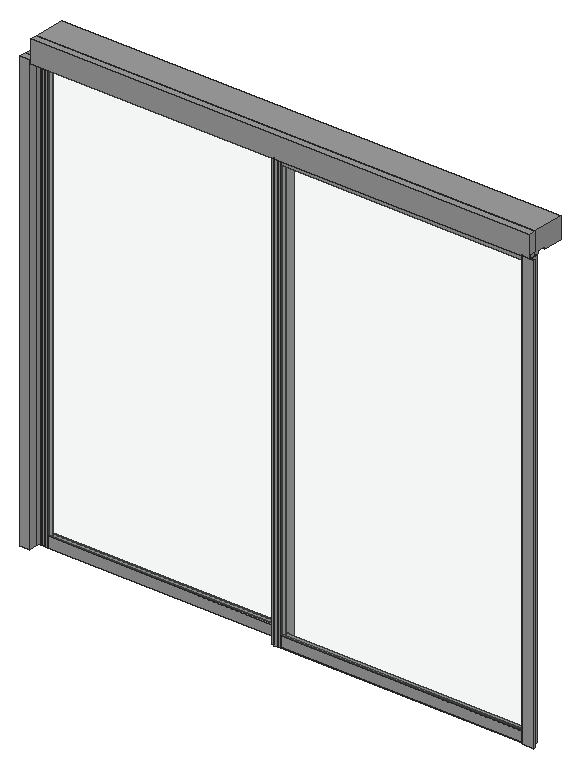
Revit family "agtatec_Record_SldngDrset_E-STA_WallBased", category Doors, host Wall, Revit 2015 (continued)
Definition of nested family "E-STA"
  Definition of nested family "Inner Panel"
    Forms (mm)
      Extrusion 4, solid, material <- "Panel Frames"
        sketch origin (75, 0, 0) x (0, 1, 0) y (0, 0, 1)
          loop
            line (0, 2200) -> (0, 2168) -> (2.5, 2168) -> (2.5, 2184) -> (29.5, 2184) -> (29.5, 2168) -> (32, 2168) -> (32, 2200) -> (0, 2200)
        from -38 to 1125
      Extrusion 5, solid, material <- "Panel Glass"
        sketch origin (0, 0, 0) x (1, 0, 0) y (0, 1, 0)
          loop
            line (23.5, 28) -> (23.5, 4) -> (1213.5, 4) -> (1213.5, 28) -> (23.5, 28)
        from 42 to 2181
      Extrusion 6, solid, material <- "Panel Frames"
        sketch origin (0, 0, 0) x (1, 0, 0) y (0, 1, 0)
          loop
            line (0, 32) -> (0, 0) -> (5, 0) -> (5, 32) -> (0, 32)
        from 5 to 2200
    Lines and regions (mm)
      Masking region 1
        outline origin (0, 0, 0) x (1, 0, 0) y (0, 1, 0)
          loop
            line (1232, 32) -> (0, 32) -> (0, 0) -> (1222, 0) -> (1232, 0) -> (1232, 32)
      symbolic lines, detail levels fine
        curve 1: line (37, 28, 42) -> (1200, 28, 42)
        curve 2: line (37, 4, 42) -> (1200, 4, 42)
        curve 6: line (1200, 29.5, 42) -> (1216, 29.5, 42)
        curve 7: line (1216, 29.5, 42) -> (1216, 2.5, 42)
        curve 8: line (1216, 2.5, 42) -> (1200, 2.5, 42)
        curve 9: line (1200, 4, 42) -> (1213.5, 4, 42)
        curve 10: line (1213.5, 4, 42) -> (1213.5, 28, 42)
        curve 11: line (1213.5, 28, 42) -> (1200, 28, 42)
        curve 12: line (37, 29.5, 42) -> (21, 29.5, 42)
        curve 13: line (21, 29.5, 42) -> (21, 2.5, 42)
        curve 14: line (21, 2.5, 42) -> (37, 2.5, 42)
        curve 15: line (37, 4, 42) -> (23.5, 4, 42)
        curve 16: line (23.5, 4, 42) -> (23.5, 28, 42)
        curve 17: line (23.5, 28, 42) -> (37, 28, 42)
      symbolic lines, detail levels medium+fine
        curve 3: line (37, 32, 42) -> (37, 29.5, 42)
        curve 4: line (1200, 0, 42) -> (1200, 2.5, 42)
        curve 18: line (1200, 29.5, 42) -> (1200, 32, 42)
        curve 21: line (37, 2.5, 42) -> (37, 0, 42)
        curve 27: line (1232, 32, 42) -> (1232, 0, 42)
        curve 28: line (1232, 0, 42) -> (1222, 0, 42)
      symbolic lines
        curve 5: line (5, 32, 42) -> (5, 0, 42)
        curve 24: line (237, 0, 1084) -> (1000, 0, 1084)
      symbolic lines, detail levels medium
        curve 19: line (1200, 2.5, 42) -> (1200, 29.5, 42)
        curve 20: line (37, 29.5, 42) -> (37, 2.5, 42)
      symbolic lines, visible <- "Interlacing profile left"
        curve 22: line (1000, 0, 1084) -> (964.645, 0, 1119.355)
        curve 23: line (1000, 0, 1084) -> (964.645, 0, 1048.645)
      symbolic lines, visible <- "Interlacing profile right"
        curve 25: line (237, 0, 1084) -> (272.355, 0, 1119.355)
        curve 26: line (237, 0, 1084) -> (272.355, 0, 1048.645)
    Dimensions and locks
      "Panel Height": plane 5 to plane 2
      "Inner Panel Width": plane 4 to plane 3 "Center (Left/Right)"
      locked: plane 7 to plane 3 "Center (Left/Right)" at 37
      locked: plane 6 to plane 4 at 32
      locked: plane 5 to plane 8 at 19
      locked: plane 9 "Above" to level at 42
      locked: plane 4 to plane 10 at 18.5
      locked: plane 11 to plane 3 "Center (Left/Right)" at 23.5
      locked: plane 13 to plane 4 at 10
      locked: plane 14 to plane 3 "Center (Left/Right)" at 5
      equal spacing: Extrusion 4, curve 24, level
      curve 24 to plane 6 = 200.00 mm
      curve 26 to plane 7 = 200.00 mm
      aligned and locked: plane 2 to level
      aligned and locked: plane 5 to Extrusion 2
      aligned and locked: plane 5 to Extrusion 1
      aligned and locked: Extrusion 1 to Extrusion 2
      aligned and locked: Extrusion 4 to plane 7
      aligned and locked: Extrusion 4 to plane 6
      aligned and locked: Extrusion 3 to plane 7
      aligned and locked: Extrusion 3 to plane 6
      aligned and locked: plane 8 to Extrusion 5
      aligned and locked: Extrusion 5 to plane 9 "Above"
      aligned and locked: Extrusion 5 to plane 10
      aligned and locked: Extrusion 5 to plane 11
      aligned and locked: Extrusion 1 to Extrusion 3
      aligned and locked: Extrusion 3 to Extrusion 2
      aligned and locked: Masking region 1 sketch curve to plane 4
      aligned and locked: Masking region 1 sketch curve to plane 3 "Center (Left/Right)"
      aligned and locked: curve 4 to plane 6
      aligned and locked: curve 3 to plane 7
      aligned and locked: Masking region 1 to Extrusion 1
      aligned and locked: plane 7 to Extrusion 1  (x2)
      aligned and locked: plane 6 to Extrusion 2  (x2)
      aligned and locked: curve 1 to Extrusion 5
      aligned and locked: Extrusion 5 to curve 2
      aligned and locked: Extrusion 1 sketch curve to plane 14
      aligned and locked: Extrusion 1 to plane 14
      aligned and locked: Extrusion 6 sketch curve to plane 14
      aligned and locked: plane 3 "Center (Left/Right)" to Extrusion 6 sketch curve
      aligned and locked: plane 5 to Extrusion 6
    Automatic sketch dimensions
      curve 24 to curve 26 = 35.355 mm
      curve 25 to curve 25 = 35.355 mm
      curve 22 to curve 23 = 0.00 mm
      curve 22 to curve 24 = 35.355 mm
      curve 26 to curve 24 = 35.355 mm
      curve 23 to curve 22 = 35.355 mm
      Extrusion 1 sketch curve to plane 7 = 0.00 mm  (x2)
      plane 1 "Center (Front/Back)" to Extrusion 1 sketch curve = 0.00 mm
      Extrusion 1 sketch curve to plane 11 = 2.50 mm
      Extrusion 1 sketch curve to plane 1 "Center (Front/Back)" = 2.50 mm
      Extrusion 1 sketch curve to Extrusion 1 sketch curve = 27.00 mm
      Extrusion 1 sketch curve to Extrusion 1 sketch curve = 2.50 mm
      Extrusion 2 sketch curve to plane 4 = 0.00 mm
      Extrusion 2 sketch curve to plane 6 = 0.00 mm  (x2)
      plane 1 "Center (Front/Back)" to Extrusion 2 sketch curve = 0.00 mm
      plane 10 to Extrusion 2 sketch curve = 2.50 mm
      Extrusion 2 sketch curve to Extrusion 2 sketch curve = 2.50 mm  (x2)
      Extrusion 2 sketch curve to Extrusion 2 sketch curve = 27.00 mm
      Extrusion 3 sketch curve to plane 1 "Center (Front/Back)" = 0.00 mm
      Extrusion 3 sketch curve to plane 12 = 0.00 mm  (x2)
      Extrusion 3 sketch curve to plane 1 "Center (Front/Back)" = 2.50 mm
      Extrusion 3 sketch curve to Extrusion 3 sketch curve = 14.65 mm
      Extrusion 3 sketch curve to Extrusion 3 sketch curve = 2.70 mm
      plane 9 "Above" to Extrusion 3 sketch curve = 13.00 mm  (x2)
      Extrusion 3 sketch curve to Extrusion 3 sketch curve = 27.00 mm
      Extrusion 3 sketch curve to Extrusion 3 sketch curve = 2.50 mm
      Extrusion 3 sketch curve to plane 9 "Above" = 16.00 mm
      Extrusion 3 sketch curve to plane 9 "Above" = 3.00 mm
      Extrusion 4 sketch curve to plane 1 "Center (Front/Back)" = 0.00 mm
      Extrusion 4 sketch curve to plane 5 = 0.00 mm
      Extrusion 4 sketch curve to plane 1 "Center (Front/Back)" = 2.50 mm
      plane 8 to Extrusion 4 sketch curve = 3.00 mm
      Extrusion 4 sketch curve to Extrusion 4 sketch curve = 27.00 mm
      Extrusion 4 sketch curve to Extrusion 4 sketch curve = 2.50 mm
      Extrusion 4 sketch curve to plane 8 = 13.00 mm  (x2)
      Extrusion 5 sketch curve to plane 11 = 0.00 mm
      Extrusion 5 sketch curve to plane 10 = 0.00 mm
      Extrusion 5 sketch curve to plane 1 "Center (Front/Back)" = 4.00 mm
      Extrusion 5 sketch curve to Extrusion 5 sketch curve = 24.00 mm
      plane 1 "Center (Front/Back)" to Masking region 1 sketch curve = 0.00 mm
      Masking region 1 sketch curve to plane 13 = 0.00 mm
      Masking region 1 sketch curve to plane 1 "Center (Front/Back)" = 32.00 mm
      plane 1 "Center (Front/Back)" to Extrusion 6 sketch curve = 0.00 mm
      Extrusion 6 sketch curve to plane 1 "Center (Front/Back)" = 32.00 mm
      curve 27 to plane 4 = 0.00 mm
      plane 1 "Center (Front/Back)" to curve 28 = 0.00 mm
      curve 10 to plane 10 = 0.00 mm
      curve 16 to plane 11 = 0.00 mm
      curve 5 to plane 14 = 0.00 mm
      plane 1 "Center (Front/Back)" to curve 21 = 0.00 mm
      plane 1 "Center (Front/Back)" to curve 5 = 0.00 mm
      plane 1 "Center (Front/Back)" to curve 4 = 0.00 mm
      curve 28 to plane 10 = 8.50 mm
      curve 7 to plane 10 = 2.50 mm
      curve 14 to plane 11 = 2.50 mm
      curve 16 to curve 1 = 0.00 mm
      curve 12 to curve 1 = 1.50 mm
      curve 7 to curve 1 = 1.50 mm
      curve 5 to curve 12 = 2.50 mm
      curve 27 to curve 6 = 2.50 mm
      curve 18 to curve 6 = 2.50 mm
      curve 3 to curve 3 = 2.50 mm
      curve 6 to curve 10 = 1.50 mm
      curve 10 to plane 1 "Center (Front/Back)" = 4.00 mm
      curve 16 to plane 1 "Center (Front/Back)" = 4.00 mm
      curve 2 to curve 14 = 1.50 mm
      curve 2 to curve 8 = 1.50 mm
Types (13, lengths in mm): name | Without side panels | TotalWidth | TotalHeight | SupportLengthRight | SupportLengthLeft | SideVoidRight | SideVoidLeft | RightPanel | LeftPanel | InterlancingProfileRight | InterlancingProfileLeft | Width | Rough Width | Rough Height | NominalWidth | NominalHeight | Height | DriveUnitHeight | CenterOfDoor
  (no name) | no | 2555.00 | 2295.00 | 616.00 | 1877.00 | 616.00 | 1837.00 | no | yes | no | yes | 2555.00 | 2561.00 | 2301.00 | 2555.00 | 2295.00 | 2295.00 | 108.00 | 2514.50
  E-STA-L 150 mm drive unit height - left - with side panel | no | 2555.00 | 2337.00 | 616.00 | 1877.00 | 616.00 | 1837.00 | no | yes | no | yes | 2555.00 | 2561.00 | 2343.00 | 2555.00 | 2337.00 | 2337.00 | 150.00 | 2514.50
  E-STA-L 150 mm drive unit height - left - without side panel | yes | 1310.00 | 2337.00 | 616.00 | 1877.00 | 616.00 | 584.00 | no | no | no | yes | 1310.00 | 1316.00 | 2343.00 | 1310.00 | 2337.00 | 2337.00 | 150.00 | 2514.50
  E-STA-R 150 mm drive unit height - right - with side panel | no | 2555.00 | 2337.00 | 1877.00 | 616.00 | 1837.00 | 616.00 | yes | no | yes | no | 2555.00 | 2561.00 | 2343.00 | 2555.00 | 2337.00 | 2337.00 | 150.00 | 1253.50
  E-STA-R 150 mm drive unit height - right - without side panel | yes | 1310.00 | 2337.00 | 1877.00 | 616.00 | 584.00 | 616.00 | no | no | yes | no | 1310.00 | 1316.00 | 2343.00 | 1310.00 | 2337.00 | 2337.00 | 150.00 | 1253.50
  E-STA-L 200 mm drive unit height - left - with side panel | no | 2555.00 | 2387.00 | 616.00 | 1877.00 | 616.00 | 1837.00 | no | yes | no | yes | 2555.00 | 2561.00 | 2393.00 | 2555.00 | 2387.00 | 2387.00 | 200.00 | 2514.50
  E-STA-L 200 mm drive unit height - left - without side panel | yes | 1310.00 | 2387.00 | 616.00 | 1877.00 | 616.00 | 584.00 | no | no | no | yes | 1310.00 | 1316.00 | 2393.00 | 1310.00 | 2387.00 | 2387.00 | 200.00 | 2514.50
  E-STA-R 200 mm drive unit height - right - with side panel | no | 2555.00 | 2387.00 | 1877.00 | 616.00 | 1837.00 | 616.00 | yes | no | yes | no | 2555.00 | 2561.00 | 2393.00 | 2555.00 | 2387.00 | 2387.00 | 200.00 | 1253.50
  E-STA-R 200 mm drive unit height - right - without side panel | yes | 1310.00 | 2387.00 | 1877.00 | 616.00 | 584.00 | 616.00 | no | no | yes | no | 1310.00 | 1316.00 | 2393.00 | 1310.00 | 2387.00 | 2387.00 | 200.00 | 1253.50
  E-STA-L 108 mm drive unit height - left - with side panel | no | 2555.00 | 2295.00 | 616.00 | 1877.00 | 616.00 | 1837.00 | no | yes | no | yes | 2555.00 | 2561.00 | 2301.00 | 2555.00 | 2295.00 | 2295.00 | 108.00 | 2514.50
  E-STA-L 108 mm drive unit height - left - without side panel | yes | 1310.00 | 2295.00 | 616.00 | 1877.00 | 616.00 | 584.00 | no | no | no | yes | 1310.00 | 1316.00 | 2301.00 | 1310.00 | 2295.00 | 2295.00 | 108.00 | 2514.50
  E-STA-R 108 mm drive unit height - right - with side panel | no | 2555.00 | 2295.00 | 1877.00 | 616.00 | 1837.00 | 616.00 | yes | no | yes | no | 2555.00 | 2561.00 | 2301.00 | 2555.00 | 2295.00 | 2295.00 | 108.00 | 1253.50
  E-STA-R 108 mm drive unit height - right - without side panel | yes | 1310.00 | 2295.00 | 1877.00 | 616.00 | 584.00 | 616.00 | no | no | yes | no | 1310.00 | 1316.00 | 2301.00 | 1310.00 | 2295.00 | 2295.00 | 108.00 | 1253.50
